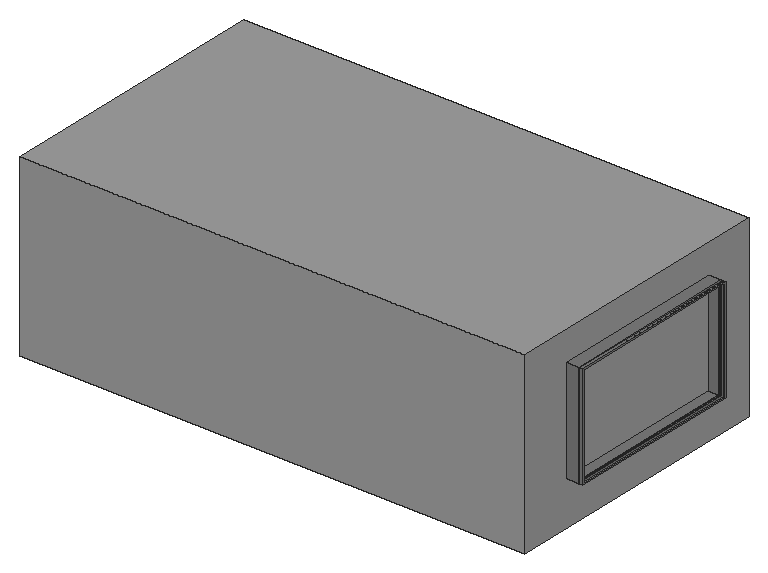
Revit family "BIMLIB_ПриточнаяУстановка_CAU-VIM-W4000-6000_SHUFT", category Оборудование, Revit 2017
Family settings
  Размер круглого соединителя = Использовать диаметр
  Тип детали = Нормальный
  На основе рабочей плоскости = Нет
  Всегда вертикально = Да
  При загрузке вырезать с полостями = Нет
  Общий = Нет
  Точка расчета площади = Нет
Parameters (values of type "CAU 6000/3-W VIM")
  Повернуть УГО [instance] = yes
  Описание = "Вентиляционные установки серии CAU-W VIM предназначены для работы в помещениях малых и средних объемов: офисах, магазинах, квартирах и т. п.\r\nУстановки изготавливаются в компактном звуко- и теплоизолированном корпусе из оцинкованной стали (толщина изоляции 40 или 50 мм).\r\nУстановки серии CAU-W VIM можно устанавливать непосредственно в обслуживаемом помещении за подвесным потолком"  # constant formula
  Общая длина = ADSK_Размер_Длина + 2 * (Длина коннекторов)  # 1820 mm
  Изготовитель = "ООО «Завод ВКО» марка SHUFT"  # constant formula
  Длина коннекторов = 60 mm
  Watermark [instance] = "Модели защищены уникальным кодом"
  W2 = 600 mm
  H2 = 350 mm
  H = 328 mm
  URL = "http://www.shuft.ru/"
  BL_Разработано = "support@bimlib.pro"  # constant formula
  BL_Email = "bimmodels@rusklimat.ru"  # constant formula
  BL_BIM library = "https://bimlib.pro/manufacturer/company/23829"
  ADSK_Ток = 6 A
  ADSK_Расход воздуха приточный [instance] = 0.0 L/s
  ADSK_Размер_Ширина = 940 mm
  ADSK_Размер_Длина = 1700 mm
  ADSK_Размер_Высота = 600 mm
  ADSK_Примечание [instance] = ""
  ADSK_Полная мощность = ADSK_Номинальная мощность / ADSK_Коэффициент мощности  # 3700 VA
  ADSK_Позиция = ""
  ADSK_Обозначение = ""
  ADSK_Номинальная мощность = 3700 W
  ADSK_Напряжение = 400 V
  ADSK_Наименование = "Приточная вентиляционная установка CAU 6000/3-W VIM"
  ADSK_Материал = BIMLIB_Сталь_SHUFT
  ADSK_Масса_Текст = "175"
  ADSK_Масса = 175
  ADSK_Марка = ADSK_Код изделия  # "CAU 6000/3-W VIM"
  ADSK_Коэффициент мощности = 1
  ADSK_Количество фаз = 3
  ADSK_Код изделия = "CAU 6000/3-W VIM"
  ADSK_Классификация нагрузок = Прочее
  ADSK_Завод-изготовитель = Изготовитель  # "ООО «Завод ВКО» марка SHUFT"
  ADSK_Единица измерения = "шт."  # constant formula
  ADSK_Версия семейства = "v.1"  # constant formula
  ADSK_Версия Revit = "2017"  # constant formula
  ADSK_URL страницы изделия = "http://www.shuft.ru/catalog/2/205/3032/4047/"
  ADSK_URL документации изделия = "http://www.shuft.ru/upload/downloads/CAU_w_4000-6000-VIM.pdf"
Types (4, lengths in mm): name | Общая длина | W2 | H2 | H | ADSK_Ток | ADSK_Размер_Ширина | ADSK_Размер_Длина | ADSK_Размер_Высота | ADSK_Полная мощность | ADSK_Номинальная мощность | ADSK_Напряжение | ADSK_Наименование | ADSK_Масса_Текст | ADSK_Масса | ADSK_Марка | ADSK_Количество фаз | ADSK_Код изделия
  (no name) | 1820 | 600 | 350 | 328 | 6 A | 940 | 1700 | 600 | 3700 VA | 3700 W | 400 V | "Приточная вентиляционная установка CAU 6000/3-W VIM" | "175" | 175 | "CAU 6000/3-W VIM" | 3 | "CAU 6000/3-W VIM"
  CAU 4000/1-W VIM | 1620 | 500 | 300 | 240 | 11 A | 840 | 1500 | 500 | 2500 VA | 2500 W | 230 V | "Приточная вентиляционная установка CAU 4000/1-W VIM" | "103" | 103 | "CAU 4000/1-W VIM" | 1 | "CAU 4000/1-W VIM"
  CAU 4000/3-W VIM | 1620 | 500 | 300 | 240 | 4.1 A | 840 | 1500 | 500 | 2500 VA | 2500 W | 400 V | "Приточная вентиляционная установка CAU 4000/3-W VIM" | "103" | 103 | "CAU 4000/3-W VIM" | 3 | "CAU 4000/3-W VIM"
  CAU 6000/3-W VIM | 1820 | 600 | 350 | 328 | 6 A | 940 | 1700 | 600 | 3700 VA | 3700 W | 400 V | "Приточная вентиляционная установка CAU 6000/3-W VIM" | "175" | 175 | "CAU 6000/3-W VIM" | 3 | "CAU 6000/3-W VIM"
Reference planes
  plane 1 "По центру (Вперед/Назад)": y = 0
  plane 2: z = 0
  plane 3 "По центру (Влево/Вправо)": x = 0
  plane 4: x = 910
  plane 5: x = -910
  plane 6 "Перед": y = -470
  plane 7 "Зад": y = 470
  plane 8: z = 600
  plane 9 "Лево корпус": x = -850
  plane 10 "Право корпус": x = 850
  plane 11 "коннекторы": z = 328
  plane 12: z = 575
Forms (mm)
  Extrusion 1, solid, material "BIMLIB_Сталь_SHUFT" <- "ADSK_Материал", detail levels medium+fine
    sketch origin (0, 0, 0) x (1, 0, 0) y (0, 1, 0)
      loop
        line (-850, 470) -> (-850, -470) -> (850, -470) -> (850, 470) -> (-850, 470)
    from 0 to 600 <- "ADSK_Размер_Высота"
Lines and regions (mm)
  model lines, detail levels fine
    curve 1: line (-850, 470, 575) -> (850, 470, 575)
    curve 2: line (-850, -470, 575) -> (850, -470, 575)
    curve 3: line (-850, -470, 575) -> (-850, 470, 575)
    curve 4: line (850, -470, 575) -> (850, 470, 575)
Dimensions and locks
  equal spacing: plane 6 "Перед", plane 1 "По центру (Вперед/Назад)", plane 7 "Зад"
  equal spacing: plane 5, plane 3 "По центру (Влево/Вправо)", plane 4
  "ADSK_Размер_Высота": plane 8 to level
  "ADSK_Размер_Ширина": plane 6 "Перед" to plane 7 "Зад"
  "Длина коннекторов": plane 5 to plane 9 "Лево корпус"
  "Длина коннекторов": plane 10 "Право корпус" to plane 4
  "H": plane 11 "коннекторы" to level
  locked: plane 8 to plane 12 at 25
  "ADSK_Размер_Длина": plane 9 "Лево корпус" to plane 10 "Право корпус"
  aligned and locked: level to plane 2
  aligned and locked: Extrusion 1 sketch curve to plane 9 "Лево корпус"
  aligned and locked: Extrusion 1 sketch curve to plane 7 "Зад"
  aligned and locked: Extrusion 1 sketch curve to plane 10 "Право корпус"
  aligned and locked: Extrusion 1 sketch curve to plane 6 "Перед"
  aligned and locked: plane 1 "По центру (Вперед/Назад)" to nested 1
  aligned and locked: plane 3 "По центру (Влево/Вправо)" to nested 1
  aligned and locked: nested 3 to plane 1 "По центру (Вперед/Назад)"
  aligned and locked: plane 1 "По центру (Вперед/Назад)" to nested 2
  aligned and locked: nested 2 to plane 10 "Право корпус"
  aligned and locked: nested 3 to plane 9 "Лево корпус"
Automatic sketch dimensions
  curve 1 to plane 9 "Лево корпус" = 0 mm
  plane 10 "Право корпус" to curve 1 = 0 mm
  curve 1 to plane 12 = 0 mm
  plane 10 "Право корпус" to curve 2 = 0 mm
  curve 2 to plane 9 "Лево корпус" = 0 mm
  curve 2 to plane 12 = 0 mm
  curve 3 to plane 6 "Перед" = 0 mm
  curve 3 to plane 7 "Зад" = 0 mm
  curve 3 to plane 12 = 0 mm
  curve 4 to plane 6 "Перед" = 0 mm
  curve 4 to plane 7 "Зад" = 0 mm
  curve 4 to plane 12 = 0 mm
Nested families
  nested 1: "BIMLIB_УГО_SHUFT" at (0, 0, 0), Высота УГО 3д План <- "H", Высота <- "ADSK_Размер_Высота", Длина <- "Общая длина", Ширина <- "ADSK_Размер_Ширина", УГО сверху <- "Повернуть УГО", type "BIMLIB_УГО_SHUFT", detail levels coarse
    with Ширина/4 235 mm, Ширина 940 mm, УГО спереди no, УГО сверху yes, Длина 1820 mm, Высота/4 150 mm, Высота УГО 3д План 328 mm, Высота 600 mm
  nested 2: "BIMLIB_Подключение_Прямоуольное_SHUFT" at (850, 0, 328), L <- "Длина коннекторов", H <- "H2", W <- "W2", type "BIMLIB_Подключение_Прямоуольное_SHUFT", detail levels medium+fine
    with Материал BIMLIB_Сталь_Патрубки_SHUFT, W 600 mm, L 60 mm, H 350 mm
  nested 3: "BIMLIB_Подключение_Прямоуольное_SHUFT" at (-850, 0, 328) x (-1, 0, 0) z (0, 0, 1), L <- "Длина коннекторов", H <- "H2", W <- "W2", type "BIMLIB_Подключение_Прямоуольное_SHUFT", detail levels medium+fine
    with Материал BIMLIB_Сталь_Патрубки_SHUFT, W 600 mm, L 60 mm, H 350 mm
Connectors
  electrical at (0, 0, 600), driven by "ADSK_Количество фаз", driven by "ADSK_Классификация нагрузок", driven by "ADSK_Напряжение", driven by "ADSK_Полная мощность", driven by "ADSK_Коэффициент мощности"
    settings: on Extrusion 1, index 3, voltage 400 V, apparent load 3700 VA, apparent load phase1 0 VA, apparent load phase2 0 VA, apparent load phase3 0 VA, power factor 1, load classification "Прочее", number of poles 3, system type 30, power factor state 1, is connector primary yes, connector utility no, sub classification motor no, connector description "Электрический соединитель"
  hvac at (-910, 0, 328), driven by "H2", driven by "W2", driven by "ADSK_Расход воздуха приточный"
    settings: on nested 3, index 9, duct flow 0.0 L/s, flow factor 0, pres drop 0.0 Pa, loss coef 0, conn angle 0.00°, conn width 600 mm, conn height 350 mm, conn diameter 609.6 mm, duct sys type 1, conn prof type 1, flow config 0, flow direction 1, loss method 0, conn ref index 10, conn util no, is conn primary yes, conn desc "Наружный воздух"
  hvac at (910, 0, 328), driven by "H2", driven by "W2", driven by "ADSK_Расход воздуха приточный"
    settings: on nested 2, index 10, duct flow 0.0 L/s, flow factor 0, pres drop 0.0 Pa, loss coef 0, conn angle 0.00°, conn width 600 mm, conn height 350 mm, conn diameter 609.6 mm, duct sys type 1, conn prof type 1, flow config 0, flow direction 2, loss method 0, conn ref index 9, conn util no, is conn primary no, conn desc "Приточный воздух"
Definition of nested family "BIMLIB_Подключение_Прямоуольное_SHUFT"
  Parameters (values of type "BIMLIB_Подключение_Прямоуольное_SHUFT")
    Default Elevation = 1219.2 mm
    Материал [instance] = none
    L [instance] = 50 mm
    W [instance] = 300 mm
    H [instance] = 257.261 mm
  Reference planes
    plane 1 "По центру (Вперед/Назад)": y = 0
    plane 2: z = 0
    plane 3 "По центру (Влево/Вправо)": x = 0
    plane 4: y = 150
    plane 5: y = -150
    plane 6: x = 50
    plane 7: z = 128.63
    plane 8: z = -128.63
  Forms (mm)
    Sweep 1, solid, material <- "Материал"
      path origin (0, 0, 0) x (0, 1, 0) y (0, 0, 1)
        loop
          line (-150, 128.63) -> (-150, -128.63) -> (150, -128.63) -> (150, 128.63) -> (-150, 128.63)
      profile origin (0, 0, 128.63) x (0, 0, 1) y (1, 0, 0)
        loop
          line (-2, 50) -> (-2, 42) -> (-7, 42) -> (-7, 33) -> (-2, 33) -> (-2, 0) -> (0, 0) -> (0, 35) -> (-5, 35) -> (-5, 40) -> (0, 40) -> (0, 50) -> (-2, 50)
  Dimensions and locks
    equal spacing: plane 4, plane 1 "По центру (Вперед/Назад)", plane 5
    "W": plane 4 to plane 5
    "L": plane 3 "По центру (Влево/Вправо)" to plane 6
    equal spacing: plane 7, level, plane 8
    "H": plane 7 to plane 8
    locked: Sweep 1 sketch curve to plane 6 at 10
    locked: plane 6 to Sweep 1 sketch curve at 15
    aligned and locked: level to plane 2
    aligned and locked: Sweep 1 sketch curve to plane 7
    aligned and locked: Sweep 1 sketch curve to plane 8
    aligned and locked: Sweep 1 sketch curve to plane 4
    aligned and locked: Sweep 1 sketch curve to plane 5
    aligned and locked: Sweep 1 sketch curve to profile plane  (x3)
  Automatic sketch dimensions
    Sweep 1 sketch curve to Sweep 1 sketch curve = 2 mm  (x5)
    Sweep 1 sketch curve to Sweep 1 sketch curve = 3 mm
    Sweep 1 sketch curve to Sweep 1 sketch curve = 8 mm
Definition of nested family "BIMLIB_УГО_SHUFT"
  Parameters (values of type "BIMLIB_УГО_SHUFT")
    Ширина/4 [instance] = Ширина / 4  # 105 mm
    Ширина [instance] = 420 mm
    УГО спереди [instance] = not(УГО сверху)  # no
    УГО сверху [instance] = yes
    Высота/4 [instance] = Высота / 4  # 63 mm
    Длина [instance] = 810 mm
    Высота УГО 3д План [instance] = 126 mm
    Высота [instance] = 252 mm
  Reference planes
    plane 1 "По центру (Вперед/Назад)": y = 0
    plane 2: z = 0
    plane 3 "По центру (Влево/Вправо)": x = 0
    plane 4: x = -405
    plane 5: x = 405
    plane 6: y = 210
    plane 7: y = -210
    plane 8: z = 126
    plane 9 "УГО 3Д": z = 252
    plane 10: x = -270
    plane 11: x = -135
    plane 12: z = 189
    plane 13: z = 63
    plane 14: x = 63
    plane 15: x = 105
    plane 16: y = 105
    plane 17: y = -105
    plane 18 "УГО": z = 126
  Lines and regions (mm)
    model lines, visible <- "УГО спереди", detail levels coarse
      curve 1: line (-405, 0, 252) -> (-405, 0, 0)
      curve 2: line (-405, 0, 0) -> (405, 0, 0)
      curve 3: line (405, 0, 0) -> (405, 0, 252)
      curve 4: line (405, 0, 252) -> (-405, 0, 252)
      curve 5: line (-270, 0, 252) -> (-270, 0, 0)
      curve 6: line (-135, 0, 252) -> (-135, 0, 0)
      curve 7: line (0, 0, 189) -> (0, 0, 63)
      curve 8: line (0, 0, 63) -> (63, 0, 126)
      curve 9: line (63, 0, 126) -> (0, 0, 189)
    model lines, visible <- "УГО сверху", detail levels coarse
      curve 10: line (-405, 210, 126) -> (-405, -210, 126)
      curve 11: line (-405, -210, 126) -> (405, -210, 126)
      curve 12: line (405, -210, 126) -> (405, 210, 126)
      curve 13: line (405, 210, 126) -> (-405, 210, 126)
      curve 14: line (-270, 210, 126) -> (-270, -210, 126)
      curve 15: line (-135, 210, 126) -> (-135, -210, 126)
      curve 16: line (0, 105, 126) -> (105, 0, 126)
      curve 17: line (105, 0, 126) -> (0, -105, 126)
      curve 18: line (0, -105, 126) -> (0, 105, 126)
    symbolic lines, detail levels coarse
      curve 19: line (-405, 0, 252) -> (-405, 0, 0)
      curve 20: line (-405, 0, 0) -> (405, 0, 0)
      curve 21: line (405, 0, 0) -> (405, 0, 252)
      curve 22: line (405, 0, 252) -> (-405, 0, 252)
      curve 23: line (-270, 0, 252) -> (-270, 0, 0)
      curve 24: line (-135, 0, 0) -> (-135, 0, 252)
      curve 25: line (0, 0, 189) -> (63, 0, 126)
      curve 26: line (63, 0, 126) -> (0, 0, 63)
      curve 27: line (0, 0, 63) -> (0, 0, 189)
      curve 28: line (-405, 210, 0) -> (-405, -210, 0)
      curve 29: line (-405, -210, 0) -> (405, -210, 0)
      curve 30: line (405, -210, 0) -> (405, 210, 0)
      curve 31: line (405, 210, 0) -> (-405, 210, 0)
      curve 32: line (-270, 210, 0) -> (-270, -210, 0)
      curve 33: line (-135, -210, 0) -> (-135, 210, 0)
      curve 34: line (0, 105, 0) -> (105, 0, 0)
      curve 35: line (105, 0, 0) -> (0, -105, 0)
      curve 36: line (0, -105, 0) -> (0, 105, 0)
  Dimensions and locks
    equal spacing: plane 4, plane 3 "По центру (Влево/Вправо)", plane 5
    "Длина": plane 4 to plane 5
    "Ширина": plane 7 to plane 6
    equal spacing: plane 4, plane 10, plane 11, plane 3 "По центру (Влево/Вправо)"
    "Высота": plane 9 "УГО 3Д" to level
    equal spacing: plane 9 "УГО 3Д", plane 12, plane 8, plane 13, level
    "Высота/4": plane 14 to plane 3 "По центру (Влево/Вправо)"
    equal spacing: plane 6, plane 16, plane 1 "По центру (Вперед/Назад)", plane 17, plane 7
    "Ширина/4": plane 15 to plane 3 "По центру (Влево/Вправо)"
    "Ширина/4": plane 3 "По центру (Влево/Вправо)" to plane 15
    "Высота УГО 3д План": plane 18 "УГО" to level
    aligned and locked: level to plane 2
  Automatic sketch dimensions
    curve 12 to plane 5 = 0 mm
    plane 1 "По центру (Вперед/Назад)" to curve 16 = 0 mm
    curve 16 to plane 15 = 0 mm
    curve 18 to plane 3 "По центру (Влево/Вправо)" = 0 mm
    curve 15 to plane 11 = 0 mm
    curve 14 to plane 10 = 0 mm
    curve 11 to plane 4 = 0 mm
    curve 13 to plane 6 = 0 mm
    curve 18 to plane 16 = 0 mm
    plane 7 to curve 12 = 0 mm
    curve 1 to plane 4 = 0 mm
    curve 5 to plane 9 "УГО 3Д" = 0 mm
    curve 5 to plane 10 = 0 mm
    curve 23 to level = 0 mm
    curve 23 to plane 10 = 0 mm
    curve 6 to plane 11 = 0 mm
    curve 24 to plane 11 = 0 mm
    curve 9 to plane 3 "По центру (Влево/Вправо)" = 0 mm
    curve 8 to plane 8 = 0 mm
    curve 8 to plane 14 = 0 mm
    curve 20 to plane 5 = 0 mm
    curve 27 to plane 12 = 0 mm
    curve 28 to plane 4 = 0 mm
    curve 32 to plane 6 = 0 mm
    curve 32 to plane 10 = 0 mm
    plane 7 to curve 33 = 0 mm
    curve 33 to plane 11 = 0 mm
    curve 34 to plane 3 "По центру (Влево/Вправо)" = 0 mm
    plane 1 "По центру (Вперед/Назад)" to curve 34 = 0 mm
    curve 30 to plane 5 = 0 mm
    curve 36 to plane 17 = 0 mm
    curve 36 to plane 16 = 0 mm
